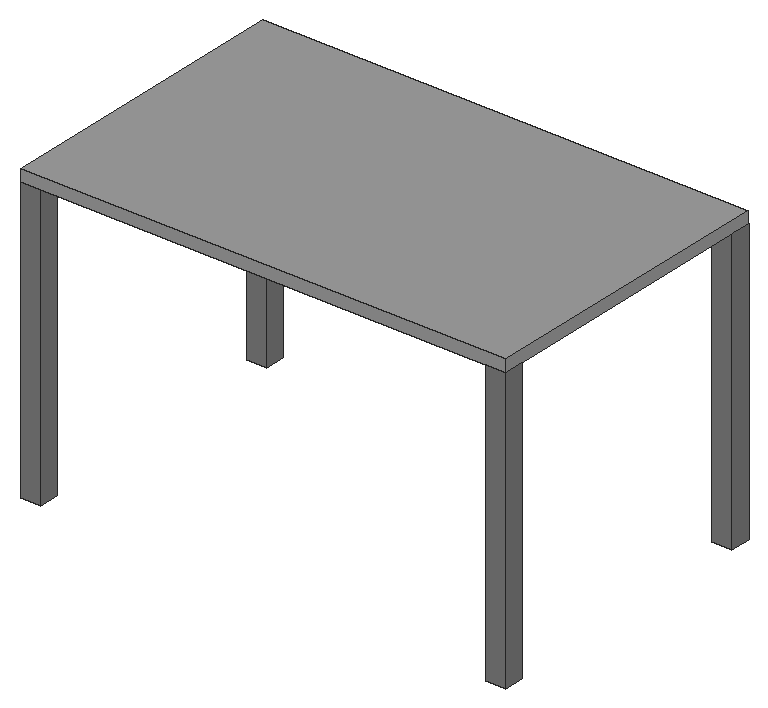
Revit family "Mesa_Escritorio", category Furniture, Revit 2025
Family settings
  OmniClass Number = 23.40.70.14.64.11
  OmniClass Title = Office Furniture
  Work Plane-Based = No
  Enable Cutting in Views = No
  Always vertical = Yes
  Cut with Voids When Loaded = No
  Render Appearance Source = Family Geometry
  Shared = No
  Room Calculation Point = Yes
Parameters (values of type "Mesa_180x75x90")
  altura = 0.730 m
  Default Elevation = 0.000 m
  Cost = 0
  URL = ""
  Model = ""
  Manufacturer = ""
  Description = ""
  Assembly Code = ""
  largura = 1.200 m
  profundidade = 0.750 m
Reference planes (m)
  plane 1 "Bottom": z = 0
  plane 2 "Z Origin": z = 0
  plane 3 "Center (Left/Right)": x = -0.449263
  plane 4 "Center (Front/Back)": y = 0.06985
  plane 5 "Left": x = -1.049263
  plane 6 "Right": x = 0.150737
  plane 7 "Back": y = 0.44485
  plane 8 "Front": y = -0.30515
  plane 9 "Top": z = 0.73
  plane 10 "Post Top": z = 0.7
Forms (m)
  Extrusion 1, solid, material "CT_Tampos"
    sketch origin (0, 0.073422, 0) x (-1, 0, 0) y (0, 0, 1)
      loop
        line (1.049263, 0.73) -> (-0.150737, 0.73) -> (-0.150737, 0.7) -> (1.049263, 0.7) -> (1.049263, 0.73)
    from -0.378572 to 0.371428
  Extrusion 2, solid, material "CT_Metais"
    sketch origin (0, 0, 0) x (1, 0, 0) y (0, 1, 0)
      loop
        line (-1.049263, -0.30515) -> (-0.999263, -0.30515) -> (-0.999263, -0.25515) -> (-1.049263, -0.25515) -> (-1.049263, -0.30515)
    from 0 to 0.7
  Extrusion 3, solid, material "CT_Metais"
    sketch origin (-0.898525, 0, 0) x (-1, 0, 0) y (0, -1, 0)
      loop
        line (-1.049263, 0.30515) -> (-1.049263, 0.25515) -> (-0.999263, 0.25515) -> (-0.999263, 0.30515) -> (-1.049263, 0.30515)
    from 0 to 0.7
  Extrusion 4, solid, material "CT_Metais"
    sketch origin (0, 0.1397, 0) x (1, 0, 0) y (0, 1, 0)
      loop
        line (-1.049263, 0.30515) -> (-1.049263, 0.25515) -> (-0.999263, 0.25515) -> (-0.999263, 0.30515) -> (-1.049263, 0.30515)
    from 0 to 0.7
  Extrusion 5, solid, material "CT_Metais"
    sketch origin (-0.898525, 0.1397, 0) x (-1, 0, 0) y (0, -1, 0)
      loop
        line (-1.049263, -0.30515) -> (-0.999263, -0.30515) -> (-0.999263, -0.25515) -> (-1.049263, -0.25515) -> (-1.049263, -0.30515)
    from 0 to 0.7
Lines and regions (m)
  Masking region 1
    outline origin (0, 0, 0.73) x (-1, 0, 0) y (0, -1, 0)
      loop
        line (1.049263, -0.44485) -> (1.049263, 0.30515) -> (-0.150737, 0.30515) -> (-0.150737, -0.44485) -> (1.049263, -0.44485)
  Masking region 2
    outline origin (0, 0.44485, 0) x (-1, 0, 0) y (0, 0, 1)
      loop
        line (1.049263, 0.73) -> (-0.150737, 0.73) -> (-0.150737, 0.7) -> (1.049263, 0.7) -> (1.049263, 0.73)
  Masking region 3
    outline origin (-0.449263, 0.09525, 2.1336) x (0, -1, 0) y (0, 0, 1)
      loop
        line (-0.3496, -1.4036) -> (-0.3496, -1.4336) -> (0.4004, -1.4336) -> (0.4004, -1.4036) -> (-0.3496, -1.4036)
Dimensions and locks (m)
  equal spacing: plane 5 "Left", plane 3 "Center (Left/Right)", plane 6 "Right"
  "largura": plane 5 "Left" to plane 6 "Right"
  equal spacing: plane 7 "Back", plane 4 "Center (Front/Back)", plane 8 "Front"
  "altura": plane 9 "Top" to level
  plane 9 "Top" to plane 10 "Post Top" = 0.030 m
  aligned and locked: plane 1 "Bottom" to plane 2 "Z Origin"
  aligned and locked: plane 9 "Top" to Extrusion 1 sketch curve
  aligned and locked: plane 5 "Left" to Extrusion 1 sketch curve
  aligned and locked: Extrusion 1 sketch curve to plane 6 "Right"
  aligned and locked: Extrusion 1 to plane 8 "Front"
  aligned and locked: plane 7 "Back" to Extrusion 1
  aligned and locked: Extrusion 1 to plane 6 "Right"
  aligned and locked: plane 5 "Left" to Extrusion 1
  aligned and locked: Masking region 1 sketch curve to Extrusion 1  (x3)
  aligned and locked: Masking region 2 sketch curve to Extrusion 1  (x3)
  aligned and locked: Masking region 3 sketch curve to Extrusion 1  (x4)
  aligned and locked: Extrusion 1 to plane 10 "Post Top"
  aligned and locked: Extrusion 2 to Extrusion 1  (x3)
Automatic sketch dimensions
  Extrusion 1 sketch curve to plane 10 "Post Top" = 0.000 m
  Masking region 1 sketch curve to plane 5 "Left" = 0.000 m
  plane 6 "Right" to Masking region 2 sketch curve = 0.000 m
  Extrusion 2 sketch curve to plane 5 "Left" = 0.000 m
  Extrusion 2 sketch curve to plane 8 "Front" = 0.000 m
  Extrusion 2 sketch curve to Extrusion 2 sketch curve = 0.050 m  (x2)
  Extrusion 3 sketch curve to plane 6 "Right" = 0.000 m
  Extrusion 3 sketch curve to plane 8 "Front" = 0.000 m
  plane 6 "Right" to Extrusion 3 sketch curve = 0.050 m
  Extrusion 3 sketch curve to Extrusion 3 sketch curve = 0.050 m
  Extrusion 4 sketch curve to plane 5 "Left" = 0.000 m
  Extrusion 4 sketch curve to plane 7 "Back" = 0.000 m
  Extrusion 4 sketch curve to Extrusion 4 sketch curve = 0.050 m  (x2)
  Extrusion 5 sketch curve to plane 6 "Right" = 0.000 m
  Extrusion 5 sketch curve to plane 7 "Back" = 0.000 m
  plane 6 "Right" to Extrusion 5 sketch curve = 0.050 m
  Extrusion 5 sketch curve to Extrusion 5 sketch curve = 0.050 m
